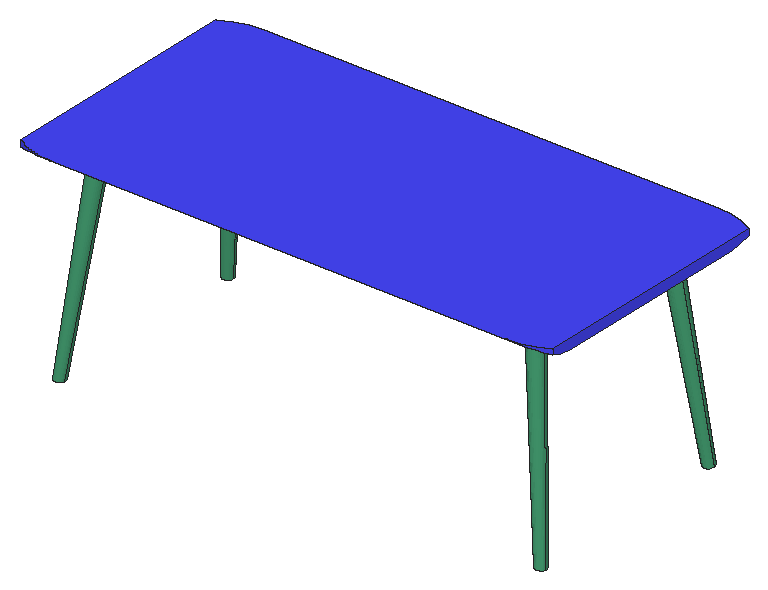
Revit family "78100 - TABLE - ASH", category Furniture, Revit 2017
Family settings
  OmniClass Number = 23.40.20.00
  OmniClass Title = General Furniture and Specialties
  Work Plane-Based = No
  Always vertical = Yes
  Cut with Voids When Loaded = No
  Shared = No
  Room Calculation Point = No
Parameters
  URL = "http://www.keilhauer.com/"
  Model = "78100"
  Manufacturer = "Keilhauer"
  Description = "Ash conference table"
Reference planes
  plane 1 "Center (Front/Back)": y = 0
  plane 2: z = 0
  plane 3 "Center (Left/Right)": x = 0
Forms (mm)
  SweptBlend 1, solid, material "#Legs"
    path origin (0, 0, 0) x (0, 1, 0) y (0, 0, 1)
      loop
        line (284.375, 696.925) -> (361.88, 4.13)
    profile origin (0, 284.375, 696.925) x (0, 0.9938, 0.11118) y (1, 0, 0)
      loop
        circle (0.841, -748.414) r 30
    end profile origin (0, 361.88, 4.13) x (0, 0.9938, 0.11118) y (1, 0, 0)
      loop
        circle (-0.109, -825.988) r 19.017
  SweptBlend 2, solid, material "#Legs"
    path origin (0, 0, 0) x (0, -1, 0) y (0, 0, 1)
      loop
        line (284.375, 696.925) -> (361.88, 4.13)
    profile origin (0, -284.375, 696.925) x (0, 0.9938, -0.11118) y (1, 0, 0)
      loop
        circle (-0.841, -748.414) r 30
    end profile origin (0, -361.88, 4.13) x (0, 0.9938, -0.11118) y (1, 0, 0)
      loop
        circle (0.109, -825.988) r 19.017
  SweptBlend 3, solid, material "#Legs"
    path origin (0, 0, 0) x (0, 1, 0) y (0, 0, -1)
      loop
        line (284.375, -696.925) -> (361.88, -4.13)
    profile origin (0, 284.375, 696.925) x (0, -0.9938, -0.11118) y (-1, 0, 0)
      loop
        circle (-0.841, -748.414) r 30
    end profile origin (0, 361.88, 4.13) x (0, -0.9938, -0.11118) y (-1, 0, 0)
      loop
        circle (0.109, -825.988) r 19.017
  SweptBlend 4, solid, material "#Legs"
    path origin (0, 0, 0) x (0, -1, 0) y (0, 0, 1)
      loop
        line (284.375, 696.925) -> (361.88, 4.13)
    profile origin (0, -284.375, 696.925) x (0, -0.9938, 0.11118) y (-1, 0, 0)
      loop
        circle (0.841, -748.414) r 30
    end profile origin (0, -361.88, 4.13) x (0, -0.9938, 0.11118) y (-1, 0, 0)
      loop
        circle (-0.109, -825.988) r 19.017
  Extrusion 5, solid, material "#Top"
    sketch origin (0, 0, 0) x (0, 1, 0) y (0, 0, 1)
      loop
        line (457.2, 735.025) -> (-457.2, 735.025)
        arc (-457.2, 735.025) -> (-405.274, 709.044) -> (-347.904, 700.1) r 188.481
        line (-347.904, 700.1) -> (347.904, 700.1)
        arc (347.904, 700.1) -> (405.274, 709.044) -> (457.2, 735.025) r 188.481
    from -914.4 to 914.4
  Extrusion 6, void
    sketch origin (0, 0, 0) x (1, 0, 0) y (0, 1, 0)
      loop
        line (-914.4, 457.2) -> (-914.4, 420.522)
        arc (-914.4, 420.522) -> (-850.385, 447.863) -> (-781.406, 457.2) r 259.46
        line (-781.406, 457.2) -> (-914.4, 457.2)
    from 672.109 to 763.31
  Extrusion 7, void
    sketch origin (0, 0, 0) x (-1, 0, 0) y (0, -1, 0)
      loop
        line (-914.4, -457.2) -> (-781.406, -457.2)
        arc (-781.406, -457.2) -> (-850.385, -447.863) -> (-914.4, -420.522) r 259.46
        line (-914.4, -420.522) -> (-914.4, -457.2)
    from 672.109 to 763.31
  Extrusion 8, void
    sketch origin (0, 0, 0) x (-1, 0, 0) y (0, -1, 0)
      loop
        line (-914.4, 457.2) -> (-914.4, 420.522)
        arc (-914.4, 420.522) -> (-850.385, 447.863) -> (-781.406, 457.2) r 259.46
        line (-781.406, 457.2) -> (-914.4, 457.2)
    from 672.109 to 763.31
  Extrusion 9, void
    sketch origin (0, 0, 0) x (1, 0, 0) y (0, 1, 0)
      loop
        line (-914.4, -457.2) -> (-781.406, -457.2)
        arc (-781.406, -457.2) -> (-850.385, -447.863) -> (-914.4, -420.522) r 259.46
        line (-914.4, -420.522) -> (-914.4, -457.2)
    from 672.109 to 763.31
Cuts and joins
  Extrusion 6, Extrusion 7, Extrusion 8, Extrusion 9 cuts Extrusion 5
Dimensions and locks
  aligned and locked: level to plane 2
